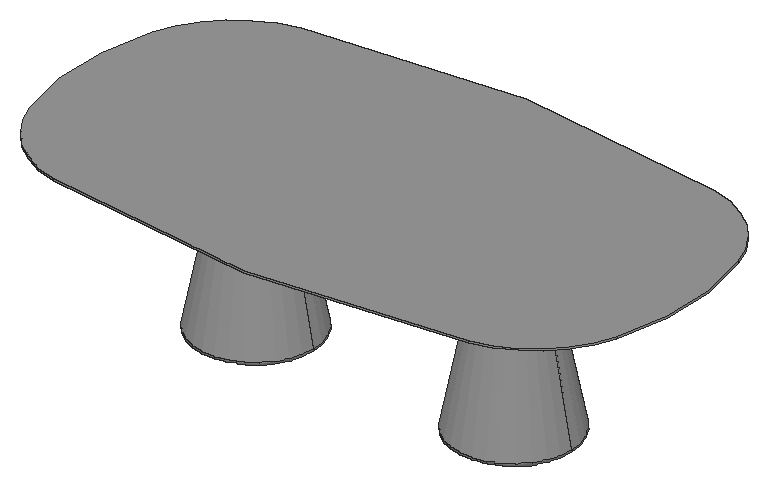
Revit family "Andreu World Reverse Conference ME5012", category Mobiliario, Revit 2014
Parameters (values of type "ME-5012 2600x1500 Oak")
  URL = "http://www.andreuworld.com/"
  Top Thickness = 30 mm
  Top Material = Andreu World Oak Horizontal
  Top Length = 2600 mm
  Top Base = 715 mm
  Top Width = 1500 mm
  Top = yes
  Reference = "ME-5012"
  R Base = 250 mm
  Modelo = "Reverse Conference"
  Height = 715 mm
  Fabricante = "Andreu World"
  Descripción = "Table"
  Base position = 750 mm
  Base Material = Andreu World Thermo-polymer White
  Base Height [instance] = 715 mm
Reference planes
  plane 1 "Centro (Frontal/Posterior)": y = 0
  plane 2: z = 0
  plane 3 "Base Height": z = 715
  plane 4: z = 510
  plane 5: z = 10
  plane 6 "Top thickness": z = 745
  plane 7: z = 738
  plane 8 "Glass": z = 750
  plane 9: x = 897.159
  plane 10: x = -402.841
  plane 11: y = 750
  plane 12: x = 2197.159
  plane 13: y = -750
  plane 14: y = 680
  plane 15: x = 2127.159
  plane 16: y = -680
  plane 17: x = -332.841
  plane 18: x = 347.159
  plane 19: x = 1447.159
Forms (mm)
  Revolve 1, solid, material "Andreu World Thermo-polymer White" <- "Base Material", detail levels medium+fine
    sketch origin (60, 0, 0) x (1, 0, 0) y (0, 0, 1)
      loop
        line (287.159, 715) -> (287.159, 0) -> (527.497, 0)
        arc (527.497, 0) -> (534.895, 3.506) -> (536.866, 11.451) r 9.558
        line (536.866, 11.451) -> (437.159, 510) -> (437.159, 715) -> (287.159, 715)
      axis (287.159, 715) -> (287.159, 0)
    angle from 0 to 360
  Extrusion 2, solid, material "Andreu World Oak Horizontal" <- "Top Material", visible <- "Top", detail levels medium+fine
    sketch origin (0, 0, 0) x (1, 0, 0) y (0, 1, 0)
      loop
        arc (28.96, 590.716) -> (-166.532, 491.281) -> (-285.245, 306.858) r 420
        arc (-285.245, 306.858) -> (-332.841, 0) -> (-285.245, -306.858) r 1012.971
        arc (-285.245, -306.858) -> (-166.532, -491.281) -> (28.96, -590.716) r 420
        arc (28.96, -590.716) -> (898.445, -679.998) -> (1767.618, -587.729) r 4208.049
        arc (1767.618, -587.729) -> (1962.972, -487.437) -> (2081.011, -302.265) r 420
        arc (2081.011, -302.265) -> (2127.159, 0) -> (2081.011, 302.265) r 1012.971
        arc (2081.011, 302.265) -> (1962.972, 487.437) -> (1767.618, 587.729) r 420
        arc (1767.618, 587.729) -> (898.445, 679.998) -> (28.96, 590.716) r 4208.049
    from 715 to 745
  Sweep 3, solid, material "Andreu World Oak Horizontal" <- "Top Material", visible <- "Top", detail levels medium+fine
    path in 3D
      loop
        arc (28.96, -590.716, 745) -> (-166.532, -491.281, 745) -> (-285.245, -306.858, 745) r 420
        arc (-285.245, -306.858, 745) -> (-332.841, 0, 745) -> (-285.245, 306.858, 745) r 1012.971
        arc (-285.245, 306.858, 745) -> (-166.532, 491.281, 745) -> (28.96, 590.716, 745) r 420
        arc (28.96, 590.716, 745) -> (898.445, 679.998, 745) -> (1767.618, 587.729, 745) r 4208.049
        arc (1767.618, 587.729, 745) -> (1962.972, 487.437, 745) -> (2081.011, 302.265, 745) r 420
        arc (2081.011, 302.265, 745) -> (2127.159, 0, 745) -> (2081.011, -302.265, 745) r 1012.971
        arc (2081.011, -302.265, 745) -> (1962.972, -487.437, 745) -> (1767.618, -587.729, 745) r 420
        arc (1767.618, -587.729, 745) -> (898.445, -679.998, 745) -> (28.96, -590.716, 745) r 4208.049
    profile origin (898.445, -679.998, 745) x (0.001718, -0.999999, 0) y (0, 0, 1)
      loop
        line (0, -30) -> (70, -7) -> (70, 0) -> (0, 0) -> (0, -30)
  Revolve 4, solid, material "Andreu World Thermo-polymer White" <- "Base Material", detail levels medium+fine
    sketch origin (1734.318, 0, 0) x (-1, 0, 0) y (0, 0, -1)
      loop
        line (287.159, -715) -> (437.159, -715) -> (437.159, -510) -> (536.866, -11.451)
        arc (536.866, -11.451) -> (534.895, -3.506) -> (527.497, 0) r 9.558
        line (527.497, 0) -> (287.159, 0) -> (287.159, -715)
      axis (287.159, -715) -> (287.159, 0)
    angle from 0 to 360
Cuts and joins
  joined: Extrusion 2, Sweep 3
Lines and regions (mm)
  model lines, detail levels coarse+medium
    curve 1: circle (347.159, 0, 0) r 250 normal (0, 0, 1)
    curve 19: circle (1447.159, 0, 0) r 250 normal (0, 0, -1)
  sketch lines
    curve 2: arc (1767.618, -587.729, 745) -> (898.445, -679.998, 745) -> (28.96, -590.716, 745) r 4208.049
    curve 3: arc (2081.011, -302.265, 745) -> (1962.972, -487.437, 745) -> (1767.618, -587.729, 745) r 420
    curve 4: arc (2081.011, 302.265, 745) -> (2127.159, 0, 745) -> (2081.011, -302.265, 745) r 1012.971
    curve 5: arc (1767.618, 587.729, 745) -> (1962.972, 487.437, 745) -> (2081.011, 302.265, 745) r 420
    curve 6: arc (28.96, 590.716, 745) -> (898.445, 679.998, 745) -> (1767.618, 587.729, 745) r 4208.049
    curve 7: arc (-285.245, 306.858, 745) -> (-166.532, 491.281, 745) -> (28.96, 590.716, 745) r 420
    curve 8: arc (-285.245, -306.858, 745) -> (-332.841, 0, 745) -> (-285.245, 306.858, 745) r 1012.971
    curve 9: arc (28.96, -590.716, 745) -> (-166.532, -491.281, 745) -> (-285.245, -306.858, 745) r 420
  model lines, visible <- "Top", detail levels coarse+medium
    curve 10: arc (2147.062, 326.018, 0) -> (2197.296, 0, 0) -> (2147.062, -326.018, 0) r 1083.054
    curve 11: arc (-354.917, -318.401, 0) -> (-402.787, 0, 0) -> (-354.917, 318.401, 0) r 1082.854
    curve 12: arc (1782.196, -656.194, 0) -> (898.565, -749.998, 0) -> (14.617, -659.231, 0) r 4278.049
    curve 13: arc (14.617, -659.231, 0) -> (-217.19, -539.817, 0) -> (-354.917, -318.401, 0) r 490
    curve 14: arc (2147.822, -323.152, 0) -> (2010.11, -539.186, 0) -> (1782.196, -656.194, 0) r 490
    curve 15: arc (2147.822, 323.152, 0) -> (2197.159, 0, 0) -> (2147.822, -323.152, 0) r 1082.971
    curve 16: arc (1782.196, 656.194, 0) -> (2010.11, 539.186, 0) -> (2147.822, 323.152, 0) r 490
    curve 17: arc (14.617, 659.231, 0) -> (898.565, 749.998, 0) -> (1782.196, 656.194, 0) r 4278.049
    curve 18: arc (-354.917, 318.401, 0) -> (-217.19, 539.817, 0) -> (14.617, 659.231, 0) r 490
Dimensions and locks
  locked: plane 5 to level at 10
  "Height": plane 3 "Base Height" to level
  plane 3 "Base Height" to plane 4 = 205 mm
  "Top Thickness": plane 6 "Top thickness" to plane 3 "Base Height"
  locked: plane 6 "Top thickness" to plane 7 at 7
  plane 8 "Glass" to plane 6 "Top thickness" = 5 mm
  "Top Width": plane 11 to plane 13
  equal spacing: plane 11, plane 1 "Centro (Frontal/Posterior)", plane 13
  "Top Length": plane 10 to plane 12
  equal spacing: plane 10, plane 9, plane 12
  locked: plane 10 to plane 17 at 70
  locked: plane 15 to plane 12 at 70
  locked: plane 16 to plane 13 at 70
  locked: plane 11 to plane 14 at 70
  "Base Height": plane 3 "Base Height" to level
  "Base position": plane 10 to plane 18
  "Base position": plane 12 to plane 19
  "R Base": radius of curve 1
  "R Base": radius of curve 19
  aligned and locked: level to plane 2
  aligned and locked: plane 3 "Base Height" to Revolve 1 sketch curve
  aligned and locked: Revolve 1 sketch curve to level
  aligned and locked: Revolve 1 sketch curve to Revolve 1 sketch curve
  aligned and locked: Extrusion 2 to plane 3 "Base Height"
  aligned and locked: Sweep 3 sketch curve to profile plane  (x2)
  aligned and locked: curve 12 to cut or joined group of Extrusion 2, Sweep 3
  aligned and locked: curve 13 to cut or joined group of Extrusion 2, Sweep 3
  aligned and locked: curve 14 to cut or joined group of Extrusion 2, Sweep 3
  aligned and locked: curve 15 to cut or joined group of Extrusion 2, Sweep 3
  aligned and locked: curve 16 to cut or joined group of Extrusion 2, Sweep 3
  aligned and locked: curve 17 to cut or joined group of Extrusion 2, Sweep 3
  aligned and locked: curve 18 to cut or joined group of Extrusion 2, Sweep 3
  aligned and locked: Revolve 4 sketch curve to Revolve 4 sketch curve
Automatic sketch dimensions
  plane 1 "Centro (Frontal/Posterior)" to curve 1 = 0 mm
  curve 1 to plane 18 = 0 mm
  plane 1 "Centro (Frontal/Posterior)" to curve 11 = 0 mm
  plane 1 "Centro (Frontal/Posterior)" to curve 10 = 0 mm
  plane 1 "Centro (Frontal/Posterior)" to curve 19 = 0 mm
  curve 19 to plane 19 = 0 mm
  curve 11 to plane 9 = 217.091 mm
  curve 15 to curve 10 = 0.053 mm
  curve 18 to plane 17 = 22.077 mm
  curve 10 to curve 14 = 0.76 mm
  curve 10 to curve 15 = 0.76 mm
  curve 10 to curve 14 = 2.865 mm
  plane 18 to Revolve 1 sketch curve = 0 mm
  Revolve 1 sketch curve to plane 4 = 0 mm
  Revolve 1 sketch curve to level = 0 mm
  Revolve 1 sketch curve to plane 3 "Base Height" = 0 mm
  Revolve 1 sketch curve to plane 18 = 150 mm
  Revolve 1 sketch curve to Revolve 1 sketch curve = 240.338 mm
  plane 5 to Revolve 1 sketch curve = 1.451 mm
  Revolve 1 sketch curve to Revolve 1 sketch curve = 9.369 mm
  plane 1 "Centro (Frontal/Posterior)" to Extrusion 2 sketch curve = 0 mm  (x2)
  plane 18 to Extrusion 2 sketch curve = 232.138 mm  (x2)
  Extrusion 2 sketch curve to plane 9 = 217.029 mm
  Extrusion 2 sketch curve to plane 9 = 5.944 mm  (x2)
  plane 9 to Extrusion 2 sketch curve = 217.029 mm
  plane 19 to Extrusion 2 sketch curve = 232.986 mm  (x2)
  plane 1 "Centro (Frontal/Posterior)" to Extrusion 2 sketch curve = 176.939 mm
  plane 1 "Centro (Frontal/Posterior)" to Extrusion 2 sketch curve = 179.628 mm
  Extrusion 2 sketch curve to plane 13 = 2778.045 mm
  Extrusion 2 sketch curve to plane 1 "Centro (Frontal/Posterior)" = 176.939 mm
  Extrusion 2 sketch curve to plane 1 "Centro (Frontal/Posterior)" = 179.628 mm
  plane 11 to Extrusion 2 sketch curve = 2778.045 mm
  Extrusion 2 sketch curve to plane 14 = 89.284 mm
  Extrusion 2 sketch curve to Extrusion 2 sketch curve = 0 mm  (x6)
  Extrusion 2 sketch curve to plane 16 = 89.284 mm
  Sweep 3 sketch curve to profile plane = 7 mm
  Sweep 3 sketch curve to profile plane = 70 mm
  Sweep 3 sketch curve to profile plane = 30 mm
  Revolve 4 sketch curve to plane 3 "Base Height" = 0 mm  (x2)
  Revolve 4 sketch curve to plane 19 = 0 mm
  Revolve 4 sketch curve to plane 4 = 0 mm
  Revolve 4 sketch curve to level = 0 mm  (x2)
  Revolve 4 sketch curve to plane 19 = 150 mm
  Revolve 4 sketch curve to plane 19 = 240.338 mm
  plane 5 to Revolve 4 sketch curve = 1.451 mm
  Revolve 4 sketch curve to Revolve 4 sketch curve = 9.369 mm
